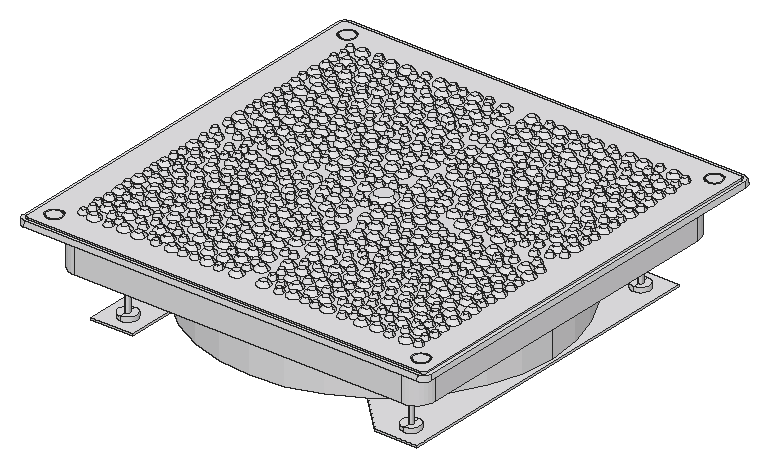
Revit family "Shower-Rainhead-KOHLER-REAL_RAIN-76728GL_1", category Plumbing Fixtures, host Face, Revit 2017 (continued)
Definition of nested family "76728GL"
  Forms (in)
    Blend 498, solid, detail levels medium+fine
      base sketch origin (-2.77067, 5.89326, 0) x (-1, 0, 0) y (0, -1, 0)
        loop
          circle (-7.85379, 7.80181) r 0.19685
      top sketch origin (-2.77067, 5.89326, 0) x (-1, 0, 0) y (0, -1, 0)
        loop
          circle (-7.85379, 7.80181) r 0.11854
      from 4.48819 to 4.64961
    Blend 499, solid, detail levels medium+fine
      base sketch origin (-1.32569, 5.98286, 0) x (-1, 0, 0) y (0, -1, 0)
        loop
          circle (-7.85379, 7.80181) r 0.19685
      top sketch origin (-1.32569, 5.98286, 0) x (-1, 0, 0) y (0, -1, 0)
        loop
          circle (-7.85379, 7.80181) r 0.11854
      from 4.48819 to 4.64961
    Blend 500, solid, detail levels medium+fine
      base sketch origin (-0.42388, 6.04678, 0) x (-1, 0, 0) y (0, -1, 0)
        loop
          circle (-7.85379, 7.80181) r 0.19685
      top sketch origin (-0.42388, 6.04678, 0) x (-1, 0, 0) y (0, -1, 0)
        loop
          circle (-7.85379, 7.80181) r 0.11854
      from 4.48819 to 4.64961
    Blend 501, solid, detail levels medium+fine
      base sketch origin (-1.43404, 6.50201, 0) x (-1, 0, 0) y (0, -1, 0)
        loop
          circle (-7.85379, 7.80181) r 0.19685
      top sketch origin (-1.43404, 6.50201, 0) x (-1, 0, 0) y (0, -1, 0)
        loop
          circle (-7.85379, 7.80181) r 0.11854
      from 4.48819 to 4.64961
    Blend 502, solid, detail levels medium+fine
      base sketch origin (-1.76504, 6.833, 0) x (-1, 0, 0) y (0, -1, 0)
        loop
          circle (-7.85379, 7.80181) r 0.19685
      top sketch origin (-1.76504, 6.833, 0) x (-1, 0, 0) y (0, -1, 0)
        loop
          circle (-7.85379, 7.80181) r 0.11854
      from 4.48819 to 4.64961
    Blend 503, solid, detail levels medium+fine
      base sketch origin (-2.44141, 6.47587, 0) x (-1, 0, 0) y (0, -1, 0)
        loop
          circle (-7.85379, 7.80181) r 0.19685
      top sketch origin (-2.44141, 6.47587, 0) x (-1, 0, 0) y (0, -1, 0)
        loop
          circle (-7.85379, 7.80181) r 0.11854
      from 4.48819 to 4.64961
    Blend 504, solid, detail levels medium+fine
      base sketch origin (-2.85861, 6.34937, 0) x (-1, 0, 0) y (0, -1, 0)
        loop
          circle (-7.85379, 7.80181) r 0.19685
      top sketch origin (-2.85861, 6.34937, 0) x (-1, 0, 0) y (0, -1, 0)
        loop
          circle (-7.85379, 7.80181) r 0.11854
      from 4.48819 to 4.64961
    Blend 505, solid, detail levels medium+fine
      base sketch origin (0.03972, 7.08804, 0) x (-1, 0, 0) y (0, -1, 0)
        loop
          circle (-7.85379, 7.80181) r 0.19685
      top sketch origin (0.03972, 7.08804, 0) x (-1, 0, 0) y (0, -1, 0)
        loop
          circle (-7.85379, 7.80181) r 0.11854
      from 4.48819 to 4.64961
    Blend 506, solid, detail levels medium+fine
      base sketch origin (-0.38075, 7.44085, 0) x (-1, 0, 0) y (0, -1, 0)
        loop
          circle (-7.85379, 7.80181) r 0.19685
      top sketch origin (-0.38075, 7.44085, 0) x (-1, 0, 0) y (0, -1, 0)
        loop
          circle (-7.85379, 7.80181) r 0.11854
      from 4.48819 to 4.64961
    Blend 507, solid, detail levels medium+fine
      base sketch origin (-1.6519, 7.32964, 0) x (-1, 0, 0) y (0, -1, 0)
        loop
          circle (-7.85379, 7.80181) r 0.19685
      top sketch origin (-1.6519, 7.32964, 0) x (-1, 0, 0) y (0, -1, 0)
        loop
          circle (-7.85379, 7.80181) r 0.11854
      from 4.48819 to 4.64961
    Blend 508, solid, detail levels medium+fine
      base sketch origin (-3.12586, 7.37077, 0) x (-1, 0, 0) y (0, -1, 0)
        loop
          circle (-7.85379, 7.80181) r 0.19685
      top sketch origin (-3.12586, 7.37077, 0) x (-1, 0, 0) y (0, -1, 0)
        loop
          circle (-7.85379, 7.80181) r 0.11854
      from 4.48819 to 4.64961
    Blend 509, solid, detail levels medium+fine
      base sketch origin (-4.45686, 7.01413, 0) x (-1, 0, 0) y (0, -1, 0)
        loop
          circle (-7.85379, 7.80181) r 0.19685
      top sketch origin (-4.45686, 7.01413, 0) x (-1, 0, 0) y (0, -1, 0)
        loop
          circle (-7.85379, 7.80181) r 0.11854
      from 4.48819 to 4.64961
    Blend 510, solid, detail levels medium+fine
      base sketch origin (-3.94595, 6.87723, 0) x (-1, 0, 0) y (0, -1, 0)
        loop
          circle (-7.85379, 7.80181) r 0.19685
      top sketch origin (-3.94595, 6.87723, 0) x (-1, 0, 0) y (0, -1, 0)
        loop
          circle (-7.85379, 7.80181) r 0.11854
      from 4.48819 to 4.64961
    Blend 511, solid, detail levels medium+fine
      base sketch origin (-3.84341, 6.29565, 0) x (-1, 0, 0) y (0, -1, 0)
        loop
          circle (-7.85379, 7.80181) r 0.19685
      top sketch origin (-3.84341, 6.29565, 0) x (-1, 0, 0) y (0, -1, 0)
        loop
          circle (-7.85379, 7.80181) r 0.11854
      from 4.48819 to 4.64961
    Blend 512, solid, detail levels medium+fine
      base sketch origin (-6.1948, 7.1053, 0) x (-1, 0, 0) y (0, -1, 0)
        loop
          circle (-7.85379, 7.80181) r 0.19685
      top sketch origin (-6.1948, 7.1053, 0) x (-1, 0, 0) y (0, -1, 0)
        loop
          circle (-7.85379, 7.80181) r 0.11854
      from 4.48819 to 4.64961
    Blend 513, solid, detail levels medium+fine
      base sketch origin (-7.17172, 7.22525, 0) x (-1, 0, 0) y (0, -1, 0)
        loop
          circle (-7.85379, 7.80181) r 0.19685
      top sketch origin (-7.17172, 7.22525, 0) x (-1, 0, 0) y (0, -1, 0)
        loop
          circle (-7.85379, 7.80181) r 0.11854
      from 4.48819 to 4.64961
    Blend 514, solid, detail levels medium+fine
      base sketch origin (-6.65774, 7.08753, 0) x (-1, 0, 0) y (0, -1, 0)
        loop
          circle (-7.85379, 7.80181) r 0.19685
      top sketch origin (-6.65774, 7.08753, 0) x (-1, 0, 0) y (0, -1, 0)
        loop
          circle (-7.85379, 7.80181) r 0.11854
      from 4.48819 to 4.64961
    Blend 515, solid, detail levels medium+fine
      base sketch origin (-7.62193, 6.95649, 0) x (-1, 0, 0) y (0, -1, 0)
        loop
          circle (-7.85379, 7.80181) r 0.19685
      top sketch origin (-7.62193, 6.95649, 0) x (-1, 0, 0) y (0, -1, 0)
        loop
          circle (-7.85379, 7.80181) r 0.11854
      from 4.48819 to 4.64961
    Blend 516, solid, detail levels medium+fine
      base sketch origin (-6.11831, 6.19036, 0) x (-1, 0, 0) y (0, -1, 0)
        loop
          circle (-7.85379, 7.80181) r 0.19685
      top sketch origin (-6.11831, 6.19036, 0) x (-1, 0, 0) y (0, -1, 0)
        loop
          circle (-7.85379, 7.80181) r 0.11854
      from 4.48819 to 4.64961
    Blend 517, solid, detail levels medium+fine
      base sketch origin (-7.13072, 5.58205, 0) x (-1, 0, 0) y (0, -1, 0)
        loop
          circle (-7.85379, 7.80181) r 0.19685
      top sketch origin (-7.13072, 5.58205, 0) x (-1, 0, 0) y (0, -1, 0)
        loop
          circle (-7.85379, 7.80181) r 0.11854
      from 4.48819 to 4.64961
    Blend 518, solid, detail levels medium+fine
      base sketch origin (-5.44577, 6.12952, 0) x (-1, 0, 0) y (0, -1, 0)
        loop
          circle (-7.85379, 7.80181) r 0.19685
      top sketch origin (-5.44577, 6.12952, 0) x (-1, 0, 0) y (0, -1, 0)
        loop
          circle (-7.85379, 7.80181) r 0.11854
      from 4.48819 to 4.64961
    Blend 519, solid, detail levels medium+fine
      base sketch origin (-5.19714, 5.66191, 0) x (-1, 0, 0) y (0, -1, 0)
        loop
          circle (-7.85379, 7.80181) r 0.19685
      top sketch origin (-5.19714, 5.66191, 0) x (-1, 0, 0) y (0, -1, 0)
        loop
          circle (-7.85379, 7.80181) r 0.11854
      from 4.48819 to 4.64961
    Blend 520, solid, detail levels medium+fine
      base sketch origin (-4.68225, 5.41066, 0) x (-1, 0, 0) y (0, -1, 0)
        loop
          circle (-7.85379, 7.80181) r 0.19685
      top sketch origin (-4.68225, 5.41066, 0) x (-1, 0, 0) y (0, -1, 0)
        loop
          circle (-7.85379, 7.80181) r 0.11854
      from 4.48819 to 4.64961
    Blend 521, solid, detail levels medium+fine
      base sketch origin (-4.3512, 5.01612, 0) x (-1, 0, 0) y (0, -1, 0)
        loop
          circle (-7.85379, 7.80181) r 0.19685
      top sketch origin (-4.3512, 5.01612, 0) x (-1, 0, 0) y (0, -1, 0)
        loop
          circle (-7.85379, 7.80181) r 0.11854
      from 4.48819 to 4.64961
    Blend 522, solid, detail levels medium+fine
      base sketch origin (-3.63709, 5.5944, 0) x (-1, 0, 0) y (0, -1, 0)
        loop
          circle (-7.85379, 7.80181) r 0.19685
      top sketch origin (-3.63709, 5.5944, 0) x (-1, 0, 0) y (0, -1, 0)
        loop
          circle (-7.85379, 7.80181) r 0.11854
      from 4.48819 to 4.64961
    Blend 523, solid, detail levels medium+fine
      base sketch origin (-3.15174, 4.92637, 0) x (-1, 0, 0) y (0, -1, 0)
        loop
          circle (-7.85379, 7.80181) r 0.19685
      top sketch origin (-3.15174, 4.92637, 0) x (-1, 0, 0) y (0, -1, 0)
        loop
          circle (-7.85379, 7.80181) r 0.11854
      from 4.48819 to 4.64961
    Blend 524, solid, detail levels medium+fine
      base sketch origin (-4.00009, 3.84052, 0) x (-1, 0, 0) y (0, -1, 0)
        loop
          circle (-7.85379, 7.80181) r 0.19685
      top sketch origin (-4.00009, 3.84052, 0) x (-1, 0, 0) y (0, -1, 0)
        loop
          circle (-7.85379, 7.80181) r 0.11854
      from 4.48819 to 4.64961
    Blend 525, solid, detail levels medium+fine
      base sketch origin (-5.08661, 4.01261, 0) x (-1, 0, 0) y (0, -1, 0)
        loop
          circle (-7.85379, 7.80181) r 0.19685
      top sketch origin (-5.08661, 4.01261, 0) x (-1, 0, 0) y (0, -1, 0)
        loop
          circle (-7.85379, 7.80181) r 0.11854
      from 4.48819 to 4.64961
    Blend 526, solid, detail levels medium+fine
      base sketch origin (-5.76645, 3.94116, 0) x (-1, 0, 0) y (0, -1, 0)
        loop
          circle (-7.85379, 7.80181) r 0.19685
      top sketch origin (-5.76645, 3.94116, 0) x (-1, 0, 0) y (0, -1, 0)
        loop
          circle (-7.85379, 7.80181) r 0.11854
      from 4.48819 to 4.64961
    Blend 527, solid, detail levels medium+fine
      base sketch origin (-5.39187, 3.56657, 0) x (-1, 0, 0) y (0, -1, 0)
        loop
          circle (-7.85379, 7.80181) r 0.19685
      top sketch origin (-5.39187, 3.56657, 0) x (-1, 0, 0) y (0, -1, 0)
        loop
          circle (-7.85379, 7.80181) r 0.11854
      from 4.48819 to 4.64961
    Blend 528, solid, detail levels medium+fine
      base sketch origin (-6.17927, 3.56657, 0) x (-1, 0, 0) y (0, -1, 0)
        loop
          circle (-7.85379, 7.80181) r 0.19685
      top sketch origin (-6.17927, 3.56657, 0) x (-1, 0, 0) y (0, -1, 0)
        loop
          circle (-7.85379, 7.80181) r 0.11854
      from 4.48819 to 4.64961
    Blend 529, solid, detail levels medium+fine
      base sketch origin (-7.09044, 3.74369, 0) x (-1, 0, 0) y (0, -1, 0)
        loop
          circle (-7.85379, 7.80181) r 0.19685
      top sketch origin (-7.09044, 3.74369, 0) x (-1, 0, 0) y (0, -1, 0)
        loop
          circle (-7.85379, 7.80181) r 0.11854
      from 4.48819 to 4.64961
    Blend 530, solid, detail levels medium+fine
      base sketch origin (-7.54077, 3.66428, 0) x (-1, 0, 0) y (0, -1, 0)
        loop
          circle (-7.85379, 7.80181) r 0.19685
      top sketch origin (-7.54077, 3.66428, 0) x (-1, 0, 0) y (0, -1, 0)
        loop
          circle (-7.85379, 7.80181) r 0.11854
      from 4.48819 to 4.64961
    Blend 531, solid, detail levels medium+fine
      base sketch origin (-6.98399, 4.22106, 0) x (-1, 0, 0) y (0, -1, 0)
        loop
          circle (-7.85379, 7.80181) r 0.19685
      top sketch origin (-6.98399, 4.22106, 0) x (-1, 0, 0) y (0, -1, 0)
        loop
          circle (-7.85379, 7.80181) r 0.11854
      from 4.48819 to 4.64961
    Blend 532, solid, detail levels medium+fine
      base sketch origin (-7.21914, 4.62835, 0) x (-1, 0, 0) y (0, -1, 0)
        loop
          circle (-7.85379, 7.80181) r 0.19685
      top sketch origin (-7.21914, 4.62835, 0) x (-1, 0, 0) y (0, -1, 0)
        loop
          circle (-7.85379, 7.80181) r 0.11854
      from 4.48819 to 4.64961
    Blend 533, solid, detail levels medium+fine
      base sketch origin (-6.35688, 4.62835, 0) x (-1, 0, 0) y (0, -1, 0)
        loop
          circle (-7.85379, 7.80181) r 0.19685
      top sketch origin (-6.35688, 4.62835, 0) x (-1, 0, 0) y (0, -1, 0)
        loop
          circle (-7.85379, 7.80181) r 0.11854
      from 4.48819 to 4.64961
    Blend 534, solid, detail levels medium+fine
      base sketch origin (-5.25454, 4.53191, 0) x (-1, 0, 0) y (0, -1, 0)
        loop
          circle (-7.85379, 7.80181) r 0.19685
      top sketch origin (-5.25454, 4.53191, 0) x (-1, 0, 0) y (0, -1, 0)
        loop
          circle (-7.85379, 7.80181) r 0.11854
      from 4.48819 to 4.64961
    Blend 535, solid, detail levels medium+fine
      base sketch origin (-4.9788, 3.42599, 0) x (-1, 0, 0) y (0, -1, 0)
        loop
          circle (-7.85379, 7.80181) r 0.19685
      top sketch origin (-4.9788, 3.42599, 0) x (-1, 0, 0) y (0, -1, 0)
        loop
          circle (-7.85379, 7.80181) r 0.11854
      from 4.48819 to 4.64961
    Blend 536, solid, detail levels medium+fine
      base sketch origin (-4.07231, 4.39808, 0) x (-1, 0, 0) y (0, -1, 0)
        loop
          circle (-7.85379, 7.80181) r 0.19685
      top sketch origin (-4.07231, 4.39808, 0) x (-1, 0, 0) y (0, -1, 0)
        loop
          circle (-7.85379, 7.80181) r 0.11854
      from 4.48819 to 4.64961
    Blend 537, solid, detail levels medium+fine
      base sketch origin (-4.25708, 3.23152, 0) x (-1, 0, 0) y (0, -1, 0)
        loop
          circle (-7.85379, 7.80181) r 0.19685
      top sketch origin (-4.25708, 3.23152, 0) x (-1, 0, 0) y (0, -1, 0)
        loop
          circle (-7.85379, 7.80181) r 0.11854
      from 4.48819 to 4.64961
    Blend 538, solid, detail levels medium+fine
      base sketch origin (-4.06819, 2.71257, 0) x (-1, 0, 0) y (0, -1, 0)
        loop
          circle (-7.85379, 7.80181) r 0.19685
      top sketch origin (-4.06819, 2.71257, 0) x (-1, 0, 0) y (0, -1, 0)
        loop
          circle (-7.85379, 7.80181) r 0.11854
      from 4.48819 to 4.64961
    Blend 539, solid, detail levels medium+fine
      base sketch origin (-5.36187, 2.80303, 0) x (-1, 0, 0) y (0, -1, 0)
        loop
          circle (-7.85379, 7.80181) r 0.19685
      top sketch origin (-5.36187, 2.80303, 0) x (-1, 0, 0) y (0, -1, 0)
        loop
          circle (-7.85379, 7.80181) r 0.11854
      from 4.48819 to 4.64961
    Blend 540, solid, detail levels medium+fine
      base sketch origin (-3.46801, 1.75325, 0) x (-1, 0, 0) y (0, -1, 0)
        loop
          circle (-7.85379, 7.80181) r 0.19685
      top sketch origin (-3.46801, 1.75325, 0) x (-1, 0, 0) y (0, -1, 0)
        loop
          circle (-7.85379, 7.80181) r 0.11854
      from 4.48819 to 4.64961
    Blend 541, solid, detail levels medium+fine
      base sketch origin (-3.71758, 2.28847, 0) x (-1, 0, 0) y (0, -1, 0)
        loop
          circle (-7.85379, 7.80181) r 0.19685
      top sketch origin (-3.71758, 2.28847, 0) x (-1, 0, 0) y (0, -1, 0)
        loop
          circle (-7.85379, 7.80181) r 0.11854
      from 4.48819 to 4.64961
    Blend 542, solid, detail levels medium+fine
      base sketch origin (-5.07811, 1.6249, 0) x (-1, 0, 0) y (0, -1, 0)
        loop
          circle (-7.85379, 7.80181) r 0.19685
      top sketch origin (-5.07811, 1.6249, 0) x (-1, 0, 0) y (0, -1, 0)
        loop
          circle (-7.85379, 7.80181) r 0.11854
      from 4.48819 to 4.64961
    Blend 543, solid, detail levels medium+fine
      base sketch origin (-5.46194, 1.94697, 0) x (-1, 0, 0) y (0, -1, 0)
        loop
          circle (-7.85379, 7.80181) r 0.19685
      top sketch origin (-5.46194, 1.94697, 0) x (-1, 0, 0) y (0, -1, 0)
        loop
          circle (-7.85379, 7.80181) r 0.11854
      from 4.48819 to 4.64961
    Blend 544, solid, detail levels medium+fine
      base sketch origin (-6.49561, 2.20469, 0) x (-1, 0, 0) y (0, -1, 0)
        loop
          circle (-7.85379, 7.80181) r 0.19685
      top sketch origin (-6.49561, 2.20469, 0) x (-1, 0, 0) y (0, -1, 0)
        loop
          circle (-7.85379, 7.80181) r 0.11854
      from 4.48819 to 4.64961
    Blend 545, solid, detail levels medium+fine
      base sketch origin (-6.98682, 2.07307, 0) x (-1, 0, 0) y (0, -1, 0)
        loop
          circle (-7.85379, 7.80181) r 0.19685
      top sketch origin (-6.98682, 2.07307, 0) x (-1, 0, 0) y (0, -1, 0)
        loop
          circle (-7.85379, 7.80181) r 0.11854
      from 4.48819 to 4.64961
    Blend 546, solid, detail levels medium+fine
      base sketch origin (-4.64222, 1.78519, 0) x (-1, 0, 0) y (0, -1, 0)
        loop
          circle (-7.85379, 7.80181) r 0.19685
      top sketch origin (-4.64222, 1.78519, 0) x (-1, 0, 0) y (0, -1, 0)
        loop
          circle (-7.85379, 7.80181) r 0.11854
      from 4.48819 to 4.64961
    Blend 547, solid, detail levels medium+fine
      base sketch origin (-6.06948, 1.11965, 0) x (-1, 0, 0) y (0, -1, 0)
        loop
          circle (-7.85379, 7.80181) r 0.19685
      top sketch origin (-6.06948, 1.11965, 0) x (-1, 0, 0) y (0, -1, 0)
        loop
          circle (-7.85379, 7.80181) r 0.11854
      from 4.48819 to 4.64961
    Blend 548, solid, detail levels medium+fine
      base sketch origin (-5.09062, 1.01677, 0) x (-1, 0, 0) y (0, -1, 0)
        loop
          circle (-7.85379, 7.80181) r 0.19685
      top sketch origin (-5.09062, 1.01677, 0) x (-1, 0, 0) y (0, -1, 0)
        loop
          circle (-7.85379, 7.80181) r 0.11854
      from 4.48819 to 4.64961
    Blend 549, solid, detail levels medium+fine
      base sketch origin (-3.64343, 1.01677, 0) x (-1, 0, 0) y (0, -1, 0)
        loop
          circle (-7.85379, 7.80181) r 0.19685
      top sketch origin (-3.64343, 1.01677, 0) x (-1, 0, 0) y (0, -1, 0)
        loop
          circle (-7.85379, 7.80181) r 0.11854
      from 4.48819 to 4.64961
    Blend 550, solid, detail levels medium+fine
      base sketch origin (-3.18902, 1.27913, 0) x (-1, 0, 0) y (0, -1, 0)
        loop
          circle (-7.85379, 7.80181) r 0.19685
      top sketch origin (-3.18902, 1.27913, 0) x (-1, 0, 0) y (0, -1, 0)
        loop
          circle (-7.85379, 7.80181) r 0.11854
      from 4.48819 to 4.64961
    Blend 551, solid, detail levels medium+fine
      base sketch origin (-4.12496, 0.71675, 0) x (-1, 0, 0) y (0, -1, 0)
        loop
          circle (-7.85379, 7.80181) r 0.19685
      top sketch origin (-4.12496, 0.71675, 0) x (-1, 0, 0) y (0, -1, 0)
        loop
          circle (-7.85379, 7.80181) r 0.11854
      from 4.48819 to 4.64961
    Blend 552, solid, detail levels medium+fine
      base sketch origin (-7.25732, 1.04598, 0) x (-1, 0, 0) y (0, -1, 0)
        loop
          circle (-7.85379, 7.80181) r 0.19685
      top sketch origin (-7.25732, 1.04598, 0) x (-1, 0, 0) y (0, -1, 0)
        loop
          circle (-7.85379, 7.80181) r 0.11854
      from 4.48819 to 4.64961
    Blend 553, solid, detail levels medium+fine
      base sketch origin (-7.25732, 0.52471, 0) x (-1, 0, 0) y (0, -1, 0)
        loop
          circle (-7.85379, 7.80181) r 0.19685
      top sketch origin (-7.25732, 0.52471, 0) x (-1, 0, 0) y (0, -1, 0)
        loop
          circle (-7.85379, 7.80181) r 0.11854
      from 4.48819 to 4.64961
    Blend 554, solid, detail levels medium+fine
      base sketch origin (-5.26036, -0.04791, 0) x (-1, 0, 0) y (0, -1, 0)
        loop
          circle (-7.85379, 7.80181) r 0.19685
      top sketch origin (-5.26036, -0.04791, 0) x (-1, 0, 0) y (0, -1, 0)
        loop
          circle (-7.85379, 7.80181) r 0.11854
      from 4.48819 to 4.64961
    Blend 555, solid, detail levels medium+fine
      base sketch origin (-6.43984, -0.10973, 0) x (-1, 0, 0) y (0, -1, 0)
        loop
          circle (-7.85379, 7.80181) r 0.19685
      top sketch origin (-6.43984, -0.10973, 0) x (-1, 0, 0) y (0, -1, 0)
        loop
          circle (-7.85379, 7.80181) r 0.11854
      from 4.48819 to 4.64961
    Blend 556, solid, detail levels medium+fine
      base sketch origin (-6.67879, 0.30414, 0) x (-1, 0, 0) y (0, -1, 0)
        loop
          circle (-7.85379, 7.80181) r 0.19685
      top sketch origin (-6.67879, 0.30414, 0) x (-1, 0, 0) y (0, -1, 0)
        loop
          circle (-7.85379, 7.80181) r 0.11854
      from 4.48819 to 4.64961
    Blend 557, solid, detail levels medium+fine
      base sketch origin (-4.7533, -0.10513, 0) x (-1, 0, 0) y (0, -1, 0)
        loop
          circle (-7.85379, 7.80181) r 0.19685
      top sketch origin (-4.7533, -0.10513, 0) x (-1, 0, 0) y (0, -1, 0)
        loop
          circle (-7.85379, 7.80181) r 0.11854
      from 4.48819 to 4.64961
    Blend 558, solid, detail levels medium+fine
      base sketch origin (-3.48769, -0.10513, 0) x (-1, 0, 0) y (0, -1, 0)
        loop
          circle (-7.85379, 7.80181) r 0.19685
      top sketch origin (-3.48769, -0.10513, 0) x (-1, 0, 0) y (0, -1, 0)
        loop
          circle (-7.85379, 7.80181) r 0.11854
      from 4.48819 to 4.64961
    Blend 559, solid, detail levels medium+fine
      base sketch origin (-3.12201, 0.15093, 0) x (-1, 0, 0) y (0, -1, 0)
        loop
          circle (-7.85379, 7.80181) r 0.19685
      top sketch origin (-3.12201, 0.15093, 0) x (-1, 0, 0) y (0, -1, 0)
        loop
          circle (-7.85379, 7.80181) r 0.11854
      from 4.48819 to 4.64961
    Blend 560, solid, detail levels medium+fine
      base sketch origin (-1.39035, 0.04876, 0) x (-1, 0, 0) y (0, -1, 0)
        loop
          circle (-7.30834, 7.84791) r 0.29156
      top sketch origin (-1.39035, 0.04876, 0) x (-1, 0, 0) y (0, -1, 0)
        loop
          circle (-7.30834, 7.84791) r 0.15606
      from 4.48819 to 4.65
    Blend 561, solid, detail levels medium+fine
      base sketch origin (-2.52047, 5.48086, 0) x (-1, 0, 0) y (0, -1, 0)
        loop
          circle (-7.30834, 7.84791) r 0.29156
      top sketch origin (-2.52047, 5.48086, 0) x (-1, 0, 0) y (0, -1, 0)
        loop
          circle (-7.30834, 7.84791) r 0.15606
      from 4.48819 to 4.65
    Blend 562, solid, detail levels medium+fine
      base sketch origin (-2.53284, 5.24171, 0) x (-1, 0, 0) y (0, -1, 0)
        loop
          circle (-7.85379, 7.80181) r 0.19685
      top sketch origin (-2.53284, 5.24171, 0) x (-1, 0, 0) y (0, -1, 0)
        loop
          circle (-7.85379, 7.80181) r 0.11854
      from 4.48819 to 4.64961
    Blend 563, solid, detail levels medium+fine
      base sketch origin (-5.62798, 5.13362, 0) x (-1, 0, 0) y (0, -1, 0)
        loop
          circle (-7.85379, 7.80181) r 0.19685
      top sketch origin (-5.62798, 5.13362, 0) x (-1, 0, 0) y (0, -1, 0)
        loop
          circle (-7.85379, 7.80181) r 0.11854
      from 4.48819 to 4.64961
    Blend 564, solid, detail levels medium+fine
      base sketch origin (-5.22972, 5.78888, 0) x (-1, 0, 0) y (0, -1, 0)
        loop
          circle (-7.30834, 7.84791) r 0.29156
      top sketch origin (-5.22972, 5.78888, 0) x (-1, 0, 0) y (0, -1, 0)
        loop
          circle (-7.30834, 7.84791) r 0.15606
      from 4.48819 to 4.65
    Blend 565, solid, detail levels medium+fine
      base sketch origin (-5.71711, 5.30149, 0) x (-1, 0, 0) y (0, -1, 0)
        loop
          circle (-7.30834, 7.84791) r 0.29156
      top sketch origin (-5.71711, 5.30149, 0) x (-1, 0, 0) y (0, -1, 0)
        loop
          circle (-7.30834, 7.84791) r 0.15606
      from 4.48819 to 4.65
    Blend 566, solid, detail levels medium+fine
      base sketch origin (-6.28821, 5.03518, 0) x (-1, 0, 0) y (0, -1, 0)
        loop
          circle (-7.30834, 7.84791) r 0.29156
      top sketch origin (-6.28821, 5.03518, 0) x (-1, 0, 0) y (0, -1, 0)
        loop
          circle (-7.30834, 7.84791) r 0.15606
      from 4.48819 to 4.65
    Blend 567, solid, detail levels medium+fine
      base sketch origin (-4.5606, 6.6462, 0) x (-1, 0, 0) y (0, -1, 0)
        loop
          circle (-7.30834, 7.84791) r 0.29156
      top sketch origin (-4.5606, 6.6462, 0) x (-1, 0, 0) y (0, -1, 0)
        loop
          circle (-7.30834, 7.84791) r 0.15606
      from 4.48819 to 4.65
    Blend 568, solid, detail levels medium+fine
      base sketch origin (-6.15635, 5.93567, 0) x (-1, 0, 0) y (0, -1, 0)
        loop
          circle (-7.30834, 7.84791) r 0.29156
      top sketch origin (-6.15635, 5.93567, 0) x (-1, 0, 0) y (0, -1, 0)
        loop
          circle (-7.30834, 7.84791) r 0.15606
      from 4.48819 to 4.65
    Blend 569, solid, detail levels medium+fine
      base sketch origin (-5.32118, 6.77084, 0) x (-1, 0, 0) y (0, -1, 0)
        loop
          circle (-7.30834, 7.84791) r 0.29156
      top sketch origin (-5.32118, 6.77084, 0) x (-1, 0, 0) y (0, -1, 0)
        loop
          circle (-7.30834, 7.84791) r 0.15606
      from 4.48819 to 4.65
    Blend 570, solid, detail levels medium+fine
      base sketch origin (-6.00255, 6.58826, 0) x (-1, 0, 0) y (0, -1, 0)
        loop
          circle (-7.30834, 7.84791) r 0.29156
      top sketch origin (-6.00255, 6.58826, 0) x (-1, 0, 0) y (0, -1, 0)
        loop
          circle (-7.30834, 7.84791) r 0.15606
      from 4.48819 to 4.65
    Blend 571, solid, detail levels medium+fine
      base sketch origin (-6.81064, 6.12171, 0) x (-1, 0, 0) y (0, -1, 0)
        loop
          circle (-7.30834, 7.84791) r 0.29156
      top sketch origin (-6.81064, 6.12171, 0) x (-1, 0, 0) y (0, -1, 0)
        loop
          circle (-7.30834, 7.84791) r 0.15606
      from 4.48819 to 4.65
    Blend 572, solid, detail levels medium+fine
      base sketch origin (-6.6578, 6.69214, 0) x (-1, 0, 0) y (0, -1, 0)
        loop
          circle (-7.30834, 7.84791) r 0.29156
      top sketch origin (-6.6578, 6.69214, 0) x (-1, 0, 0) y (0, -1, 0)
        loop
          circle (-7.30834, 7.84791) r 0.15606
      from 4.48819 to 4.65
    Blend 573, solid, detail levels medium+fine
      base sketch origin (-5.16069, 7.32763, 0) x (-1, 0, 0) y (0, -1, 0)
        loop
          circle (-7.30834, 7.84791) r 0.29156
      top sketch origin (-5.16069, 7.32763, 0) x (-1, 0, 0) y (0, -1, 0)
        loop
          circle (-7.30834, 7.84791) r 0.15606
      from 4.48819 to 4.65
    Blend 574, solid, detail levels medium+fine
      base sketch origin (-4.48435, 7.28033, 0) x (-1, 0, 0) y (0, -1, 0)
        loop
          circle (-7.30834, 7.84791) r 0.29156
      top sketch origin (-4.48435, 7.28033, 0) x (-1, 0, 0) y (0, -1, 0)
        loop
          circle (-7.30834, 7.84791) r 0.15606
      from 4.48819 to 4.65
    Blend 575, solid, detail levels medium+fine
      base sketch origin (-1.17297, 7.07796, 0) x (-1, 0, 0) y (0, -1, 0)
        loop
          circle (-7.85379, 7.80181) r 0.19685
      top sketch origin (-1.17297, 7.07796, 0) x (-1, 0, 0) y (0, -1, 0)
        loop
          circle (-7.85379, 7.80181) r 0.11854
      from 4.48819 to 4.64961
    Blend 576, solid, detail levels medium+fine
      base sketch origin (-7.65763, 2.25778, 0) x (-1, 0, 0) y (0, -1, 0)
        loop
          circle (-7.85379, 7.80181) r 0.19685
      top sketch origin (-7.65763, 2.25778, 0) x (-1, 0, 0) y (0, -1, 0)
        loop
          circle (-7.85379, 7.80181) r 0.11854
      from 4.48819 to 4.64961
    Blend 577, solid, detail levels medium+fine
      base sketch origin (0, 0, 0) x (1, 0, 0) y (0, 1, 0)
        loop
          circle (-7.30834, -7.84791) r 0.29156
      top sketch origin (0, 0, 0) x (1, 0, 0) y (0, 1, 0)
        loop
          circle (-7.30834, -7.84791) r 0.15606
      from 4.48819 to 4.65
    Blend 578, solid, detail levels medium+fine
      base sketch origin (2.0876, 0, 0) x (1, 0, 0) y (0, 1, 0)
        loop
          circle (-7.30834, -7.84791) r 0.29156
      top sketch origin (2.0876, 0, 0) x (1, 0, 0) y (0, 1, 0)
        loop
          circle (-7.30834, -7.84791) r 0.15606
      from 4.48819 to 4.65
    Blend 579, solid, detail levels medium+fine
      base sketch origin (3.6624, 0, 0) x (1, 0, 0) y (0, 1, 0)
        loop
          circle (-7.30834, -7.84791) r 0.29156
      top sketch origin (3.6624, 0, 0) x (1, 0, 0) y (0, 1, 0)
        loop
          circle (-7.30834, -7.84791) r 0.15606
      from 4.48819 to 4.65
    Blend 580, solid, detail levels medium+fine
      base sketch origin (5.30487, 0.02461, 0) x (1, 0, 0) y (0, 1, 0)
        loop
          circle (-7.30834, -7.84791) r 0.29156
      top sketch origin (5.30487, 0.02461, 0) x (1, 0, 0) y (0, 1, 0)
        loop
          circle (-7.30834, -7.84791) r 0.15606
      from 4.48819 to 4.65
    Blend 581, solid, detail levels medium+fine
      base sketch origin (6.68282, 0, 0) x (1, 0, 0) y (0, 1, 0)
        loop
          circle (-7.30834, -7.84791) r 0.29156
      top sketch origin (6.68282, 0, 0) x (1, 0, 0) y (0, 1, 0)
        loop
          circle (-7.30834, -7.84791) r 0.15606
      from 4.48819 to 4.65
    Blend 582, solid, detail levels medium+fine
      base sketch origin (-0.0289, 0.83652, 0) x (1, 0, 0) y (0, 1, 0)
        loop
          circle (-7.30834, -7.84791) r 0.29156
      top sketch origin (-0.0289, 0.83652, 0) x (1, 0, 0) y (0, 1, 0)
        loop
          circle (-7.30834, -7.84791) r 0.15606
      from 4.48819 to 4.65
    Blend 583, solid, detail levels medium+fine
      base sketch origin (0.9243, 0.90317, 0) x (1, 0, 0) y (0, 1, 0)
        loop
          circle (-7.30834, -7.84791) r 0.29156
      top sketch origin (0.9243, 0.90317, 0) x (1, 0, 0) y (0, 1, 0)
        loop
          circle (-7.30834, -7.84791) r 0.15606
      from 4.48819 to 4.65
    Blend 584, solid, detail levels medium+fine
      base sketch origin (2.48199, 0.76689, 0) x (1, 0, 0) y (0, 1, 0)
        loop
          circle (-7.30834, -7.84791) r 0.29156
      top sketch origin (2.48199, 0.76689, 0) x (1, 0, 0) y (0, 1, 0)
        loop
          circle (-7.30834, -7.84791) r 0.15606
      from 4.48819 to 4.65
    Blend 585, solid, detail levels medium+fine
      base sketch origin (3.09051, 0.45684, 0) x (1, 0, 0) y (0, 1, 0)
        loop
          circle (-7.30834, -7.84791) r 0.29156
      top sketch origin (3.09051, 0.45684, 0) x (1, 0, 0) y (0, 1, 0)
        loop
          circle (-7.30834, -7.84791) r 0.15606
      from 4.48819 to 4.65
    Blend 586, solid, detail levels medium+fine
      base sketch origin (4.16835, 0.50258, 0) x (1, 0, 0) y (0, 1, 0)
        loop
          circle (-7.30834, -7.84791) r 0.29156
      top sketch origin (4.16835, 0.50258, 0) x (1, 0, 0) y (0, 1, 0)
        loop
          circle (-7.30834, -7.84791) r 0.15606
      from 4.48819 to 4.65
    Blend 587, solid, detail levels medium+fine
      base sketch origin (4.89122, 0.60418, 0) x (1, 0, 0) y (0, 1, 0)
        loop
          circle (-7.30834, -7.84791) r 0.29156
      top sketch origin (4.89122, 0.60418, 0) x (1, 0, 0) y (0, 1, 0)
        loop
          circle (-7.30834, -7.84791) r 0.15606
      from 4.48819 to 4.65
    Blend 588, solid, detail levels medium+fine
      base sketch origin (5.61857, 0.59148, 0) x (1, 0, 0) y (0, 1, 0)
        loop
          circle (-7.30834, -7.84791) r 0.29156
      top sketch origin (5.61857, 0.59148, 0) x (1, 0, 0) y (0, 1, 0)
        loop
          circle (-7.30834, -7.84791) r 0.15606
      from 4.48819 to 4.65
    Blend 589, solid, detail levels medium+fine
      base sketch origin (6.14053, 0.9848, 0) x (1, 0, 0) y (0, 1, 0)
        loop
          circle (-7.30834, -7.84791) r 0.29156
      top sketch origin (6.14053, 0.9848, 0) x (1, 0, 0) y (0, 1, 0)
        loop
          circle (-7.30834, -7.84791) r 0.15606
      from 4.48819 to 4.65
    Blend 590, solid, detail levels medium+fine
      base sketch origin (6.85018, 1.66347, 0) x (1, 0, 0) y (0, 1, 0)
        loop
          circle (-7.30834, -7.84791) r 0.29156
      top sketch origin (6.85018, 1.66347, 0) x (1, 0, 0) y (0, 1, 0)
        loop
          circle (-7.30834, -7.84791) r 0.15606
      from 4.48819 to 4.65
    Blend 591, solid, detail levels medium+fine
      base sketch origin (6.157, 1.60283, 0) x (1, 0, 0) y (0, 1, 0)
        loop
          circle (-7.30834, -7.84791) r 0.29156
      top sketch origin (6.157, 1.60283, 0) x (1, 0, 0) y (0, 1, 0)
        loop
          circle (-7.30834, -7.84791) r 0.15606
      from 4.48819 to 4.65
    Blend 592, solid, detail levels medium+fine
      base sketch origin (5.55442, 1.83414, 0) x (1, 0, 0) y (0, 1, 0)
        loop
          circle (-7.30834, -7.84791) r 0.29156
      top sketch origin (5.55442, 1.83414, 0) x (1, 0, 0) y (0, 1, 0)
        loop
          circle (-7.30834, -7.84791) r 0.15606
      from 4.48819 to 4.65
    Blend 593, solid, detail levels medium+fine
      base sketch origin (5.00582, 1.40553, 0) x (1, 0, 0) y (0, 1, 0)
        loop
          circle (-7.30834, -7.84791) r 0.29156
      top sketch origin (5.00582, 1.40553, 0) x (1, 0, 0) y (0, 1, 0)
        loop
          circle (-7.30834, -7.84791) r 0.15606
      from 4.48819 to 4.65
    Blend 594, solid, detail levels medium+fine
      base sketch origin (4.00507, 1.211, 0) x (1, 0, 0) y (0, 1, 0)
        loop
          circle (-7.30834, -7.84791) r 0.29156
      top sketch origin (4.00507, 1.211, 0) x (1, 0, 0) y (0, 1, 0)
        loop
          circle (-7.30834, -7.84791) r 0.15606
      from 4.48819 to 4.65
    Blend 595, solid, detail levels medium+fine
      base sketch origin (3.45712, 1.6091, 0) x (1, 0, 0) y (0, 1, 0)
        loop
          circle (-7.30834, -7.84791) r 0.29156
      top sketch origin (3.45712, 1.6091, 0) x (1, 0, 0) y (0, 1, 0)
        loop
          circle (-7.30834, -7.84791) r 0.15606
      from 4.48819 to 4.65
    Blend 596, solid, detail levels medium+fine
      base sketch origin (2.30183, 1.85467, 0) x (1, 0, 0) y (0, 1, 0)
        loop
          circle (-7.30834, -7.84791) r 0.29156
      top sketch origin (2.30183, 1.85467, 0) x (1, 0, 0) y (0, 1, 0)
        loop
          circle (-7.30834, -7.84791) r 0.15606
      from 4.48819 to 4.65
    Blend 597, solid, detail levels medium+fine
      base sketch origin (1.18508, 1.47014, 0) x (1, 0, 0) y (0, 1, 0)
        loop
          circle (-7.30834, -7.84791) r 0.29156
      top sketch origin (1.18508, 1.47014, 0) x (1, 0, 0) y (0, 1, 0)
        loop
          circle (-7.30834, -7.84791) r 0.15606
      from 4.48819 to 4.65
    Blend 598, solid, detail levels medium+fine
      base sketch origin (1.03024, 2.19859, 0) x (1, 0, 0) y (0, 1, 0)
        loop
          circle (-7.30834, -7.84791) r 0.29156
      top sketch origin (1.03024, 2.19859, 0) x (1, 0, 0) y (0, 1, 0)
        loop
          circle (-7.30834, -7.84791) r 0.15606
      from 4.48819 to 4.65
    Blend 599, solid, detail levels medium+fine
      base sketch origin (-0.0373, 2.58312, 0) x (1, 0, 0) y (0, 1, 0)
        loop
          circle (-7.30834, -7.84791) r 0.29156
      top sketch origin (-0.0373, 2.58312, 0) x (1, 0, 0) y (0, 1, 0)
        loop
          circle (-7.30834, -7.84791) r 0.15606
      from 4.48819 to 4.65
    Blend 600, solid, detail levels medium+fine
      base sketch origin (-0.5041, 2.14094, 0) x (1, 0, 0) y (0, 1, 0)
        loop
          circle (-7.30834, -7.84791) r 0.29156
      top sketch origin (-0.5041, 2.14094, 0) x (1, 0, 0) y (0, 1, 0)
        loop
          circle (-7.30834, -7.84791) r 0.15606
      from 4.48819 to 4.65
    Blend 601, solid, detail levels medium+fine
      base sketch origin (0.55747, 1.64778, 0) x (1, 0, 0) y (0, 1, 0)
        loop
          circle (-7.30834, -7.84791) r 0.29156
      top sketch origin (0.55747, 1.64778, 0) x (1, 0, 0) y (0, 1, 0)
        loop
          circle (-7.30834, -7.84791) r 0.15606
      from 4.48819 to 4.65
    Blend 602, solid, detail levels medium+fine
      base sketch origin (-0.48833, 1.51937, 0) x (1, 0, 0) y (0, 1, 0)
        loop
          circle (-7.30834, -7.84791) r 0.23622
      top sketch origin (-0.48833, 1.51937, 0) x (1, 0, 0) y (0, 1, 0)
        loop
          circle (-7.30834, -7.84791) r 0.11811
      from 4.48819 to 4.65
    Blend 603, solid, detail levels medium+fine
      base sketch origin (-0.51294, 3.26642, 0) x (1, 0, 0) y (0, 1, 0)
        loop
          circle (-7.30834, -7.84791) r 0.29156
      top sketch origin (-0.51294, 3.26642, 0) x (1, 0, 0) y (0, 1, 0)
        loop
          circle (-7.30834, -7.84791) r 0.15606
      from 4.48819 to 4.65
    Blend 604, solid, detail levels medium+fine
      base sketch origin (0.38399, 3.04893, 0) x (1, 0, 0) y (0, 1, 0)
        loop
          circle (-7.30834, -7.84791) r 0.29156
      top sketch origin (0.38399, 3.04893, 0) x (1, 0, 0) y (0, 1, 0)
        loop
          circle (-7.30834, -7.84791) r 0.15606
      from 4.48819 to 4.65
    Blend 605, solid, detail levels medium+fine
      base sketch origin (0.015, 3.60051, 0) x (1, 0, 0) y (0, 1, 0)
        loop
          circle (-7.30834, -7.84791) r 0.29156
      top sketch origin (0.015, 3.60051, 0) x (1, 0, 0) y (0, 1, 0)
        loop
          circle (-7.30834, -7.84791) r 0.15606
      from 4.48819 to 4.65
    Blend 606, solid, detail levels medium+fine
      base sketch origin (1.03016, 2.98184, 0) x (1, 0, 0) y (0, 1, 0)
        loop
          circle (-7.30834, -7.84791) r 0.29156
      top sketch origin (1.03016, 2.98184, 0) x (1, 0, 0) y (0, 1, 0)
        loop
          circle (-7.30834, -7.84791) r 0.15606
      from 4.48819 to 4.65
    Blend 607, solid, detail levels medium+fine
      base sketch origin (1.12122, 3.6132, 0) x (1, 0, 0) y (0, 1, 0)
        loop
          circle (-7.30834, -7.84791) r 0.29156
      top sketch origin (1.12122, 3.6132, 0) x (1, 0, 0) y (0, 1, 0)
        loop
          circle (-7.30834, -7.84791) r 0.15606
      from 4.48819 to 4.65
    Blend 608, solid, detail levels medium+fine
      base sketch origin (2.28909, 3.01814, 0) x (1, 0, 0) y (0, 1, 0)
        loop
          circle (-7.30834, -7.84791) r 0.29156
      top sketch origin (2.28909, 3.01814, 0) x (1, 0, 0) y (0, 1, 0)
        loop
          circle (-7.30834, -7.84791) r 0.15606
      from 4.48819 to 4.65
    Blend 609, solid, detail levels medium+fine
      base sketch origin (1.68078, 4.04284, 0) x (1, 0, 0) y (0, 1, 0)
        loop
          circle (-7.30834, -7.84791) r 0.29156
      top sketch origin (1.68078, 4.04284, 0) x (1, 0, 0) y (0, 1, 0)
        loop
          circle (-7.30834, -7.84791) r 0.15606
      from 4.48819 to 4.65
    Blend 610, solid, detail levels medium+fine
      base sketch origin (2.96463, 2.95326, 0) x (1, 0, 0) y (0, 1, 0)
        loop
          circle (-7.30834, -7.84791) r 0.29156
      top sketch origin (2.96463, 2.95326, 0) x (1, 0, 0) y (0, 1, 0)
        loop
          circle (-7.30834, -7.84791) r 0.15606
      from 4.48819 to 4.65
    Blend 611, solid, detail levels medium+fine
      base sketch origin (2.84468, 3.93018, 0) x (1, 0, 0) y (0, 1, 0)
        loop
          circle (-7.30834, -7.84791) r 0.29156
      top sketch origin (2.84468, 3.93018, 0) x (1, 0, 0) y (0, 1, 0)
        loop
          circle (-7.30834, -7.84791) r 0.15606
      from 4.48819 to 4.65
    Blend 612, solid, detail levels medium+fine
      base sketch origin (4.4836, 2.40185, 0) x (1, 0, 0) y (0, 1, 0)
        loop
          circle (-7.30834, -7.84791) r 0.29156
      top sketch origin (4.4836, 2.40185, 0) x (1, 0, 0) y (0, 1, 0)
        loop
          circle (-7.30834, -7.84791) r 0.15606
      from 4.48819 to 4.65
    Blend 613, solid, detail levels medium+fine
      base sketch origin (3.79212, 2.30467, 0) x (1, 0, 0) y (0, 1, 0)
        loop
          circle (-7.30834, -7.84791) r 0.29156
      top sketch origin (3.79212, 2.30467, 0) x (1, 0, 0) y (0, 1, 0)
        loop
          circle (-7.30834, -7.84791) r 0.15606
      from 4.48819 to 4.65
    Blend 614, solid, detail levels medium+fine
      base sketch origin (1.96709, 2.46434, 0) x (1, 0, 0) y (0, 1, 0)
        loop
          circle (-7.30834, -7.84791) r 0.29156
      top sketch origin (1.96709, 2.46434, 0) x (1, 0, 0) y (0, 1, 0)
        loop
          circle (-7.30834, -7.84791) r 0.15606
      from 4.48819 to 4.65
    Blend 615, solid, detail levels medium+fine
      base sketch origin (4.20639, 2.98132, 0) x (1, 0, 0) y (0, 1, 0)
        loop
          circle (-7.30834, -7.84791) r 0.29156
      top sketch origin (4.20639, 2.98132, 0) x (1, 0, 0) y (0, 1, 0)
        loop
          circle (-7.30834, -7.84791) r 0.15606
      from 4.48819 to 4.65
    Blend 616, solid, detail levels medium+fine
      base sketch origin (3.98458, 3.87093, 0) x (1, 0, 0) y (0, 1, 0)
        loop
          circle (-7.30834, -7.84791) r 0.29156
      top sketch origin (3.98458, 3.87093, 0) x (1, 0, 0) y (0, 1, 0)
        loop
          circle (-7.30834, -7.84791) r 0.15606
      from 4.48819 to 4.65
    Blend 617, solid, detail levels medium+fine
      base sketch origin (5.24621, 2.46976, 0) x (1, 0, 0) y (0, 1, 0)
        loop
          circle (-7.30834, -7.84791) r 0.29156
      top sketch origin (5.24621, 2.46976, 0) x (1, 0, 0) y (0, 1, 0)
        loop
          circle (-7.30834, -7.84791) r 0.15606
      from 4.48819 to 4.65
    Blend 618, solid, detail levels medium+fine
      base sketch origin (5.24621, 3.15169, 0) x (1, 0, 0) y (0, 1, 0)
        loop
          circle (-7.30834, -7.84791) r 0.29156
      top sketch origin (5.24621, 3.15169, 0) x (1, 0, 0) y (0, 1, 0)
        loop
          circle (-7.30834, -7.84791) r 0.15606
      from 4.48819 to 4.65
    Blend 619, solid, detail levels medium+fine
      base sketch origin (5.86408, 2.80919, 0) x (1, 0, 0) y (0, 1, 0)
        loop
          circle (-7.30834, -7.84791) r 0.29156
      top sketch origin (5.86408, 2.80919, 0) x (1, 0, 0) y (0, 1, 0)
        loop
          circle (-7.30834, -7.84791) r 0.15606
      from 4.48819 to 4.65
    Blend 620, solid, detail levels medium+fine
      base sketch origin (6.1771, 3.39791, 0) x (1, 0, 0) y (0, 1, 0)
        loop
          circle (-7.30834, -7.84791) r 0.29156
      top sketch origin (6.1771, 3.39791, 0) x (1, 0, 0) y (0, 1, 0)
        loop
          circle (-7.30834, -7.84791) r 0.15606
      from 4.48819 to 4.65
    Blend 621, solid, detail levels medium+fine
      base sketch origin (6.48588, 2.70438, 0) x (1, 0, 0) y (0, 1, 0)
        loop
          circle (-7.30834, -7.84791) r 0.29156
      top sketch origin (6.48588, 2.70438, 0) x (1, 0, 0) y (0, 1, 0)
        loop
          circle (-7.30834, -7.84791) r 0.15606
      from 4.48819 to 4.65
    Blend 622, solid, detail levels medium+fine
      base sketch origin (6.92778, 3.19517, 0) x (1, 0, 0) y (0, 1, 0)
        loop
          circle (-7.30834, -7.84791) r 0.29156
      top sketch origin (6.92778, 3.19517, 0) x (1, 0, 0) y (0, 1, 0)
        loop
          circle (-7.30834, -7.84791) r 0.15606
      from 4.48819 to 4.65
    Blend 623, solid, detail levels medium+fine
      base sketch origin (7.03734, 4.23753, 0) x (1, 0, 0) y (0, 1, 0)
        loop
          circle (-7.30834, -7.84791) r 0.29156
      top sketch origin (7.03734, 4.23753, 0) x (1, 0, 0) y (0, 1, 0)
        loop
          circle (-7.30834, -7.84791) r 0.15606
      from 4.48819 to 4.65
    Blend 624, solid, detail levels medium+fine
      base sketch origin (5.91512, 4.17871, 0) x (1, 0, 0) y (0, 1, 0)
        loop
          circle (-7.30834, -7.84791) r 0.29156
      top sketch origin (5.91512, 4.17871, 0) x (1, 0, 0) y (0, 1, 0)
        loop
          circle (-7.30834, -7.84791) r 0.15606
      from 4.48819 to 4.65
    Blend 625, solid, detail levels medium+fine
      base sketch origin (5.24018, 4.58426, 0) x (1, 0, 0) y (0, 1, 0)
        loop
          circle (-7.30834, -7.84791) r 0.29156
      top sketch origin (5.24018, 4.58426, 0) x (1, 0, 0) y (0, 1, 0)
        loop
          circle (-7.30834, -7.84791) r 0.15606
      from 4.48819 to 4.65
    Blend 626, solid, detail levels medium+fine
      base sketch origin (4.12564, 4.58426, 0) x (1, 0, 0) y (0, 1, 0)
        loop
          circle (-7.30834, -7.84791) r 0.29156
      top sketch origin (4.12564, 4.58426, 0) x (1, 0, 0) y (0, 1, 0)
        loop
          circle (-7.30834, -7.84791) r 0.15606
      from 4.48819 to 4.65
    Blend 627, solid, detail levels medium+fine
      base sketch origin (4.53288, 5.08716, 0) x (1, 0, 0) y (0, 1, 0)
        loop
          circle (-7.30834, -7.84791) r 0.29156
      top sketch origin (4.53288, 5.08716, 0) x (1, 0, 0) y (0, 1, 0)
        loop
          circle (-7.30834, -7.84791) r 0.15606
      from 4.48819 to 4.65
    Blend 628, solid, detail levels medium+fine
      base sketch origin (3.15493, 5.08716, 0) x (1, 0, 0) y (0, 1, 0)
        loop
          circle (-7.30834, -7.84791) r 0.29156
      top sketch origin (3.15493, 5.08716, 0) x (1, 0, 0) y (0, 1, 0)
        loop
          circle (-7.30834, -7.84791) r 0.15606
      from 4.48819 to 4.65
    Blend 629, solid, detail levels medium+fine
      base sketch origin (3.63117, 5.75677, 0) x (1, 0, 0) y (0, 1, 0)
        loop
          circle (-7.30834, -7.84791) r 0.29156
      top sketch origin (3.63117, 5.75677, 0) x (1, 0, 0) y (0, 1, 0)
        loop
          circle (-7.30834, -7.84791) r 0.15606
      from 4.48819 to 4.65
    Blend 630, solid, detail levels medium+fine
      base sketch origin (4.28847, 6.07665, 0) x (1, 0, 0) y (0, 1, 0)
        loop
          circle (-7.30834, -7.84791) r 0.29156
      top sketch origin (4.28847, 6.07665, 0) x (1, 0, 0) y (0, 1, 0)
        loop
          circle (-7.30834, -7.84791) r 0.15606
      from 4.48819 to 4.65
    Blend 631, solid, detail levels medium+fine
      base sketch origin (3.83609, 6.50546, 0) x (1, 0, 0) y (0, 1, 0)
        loop
          circle (-7.30834, -7.84791) r 0.29156
      top sketch origin (3.83609, 6.50546, 0) x (1, 0, 0) y (0, 1, 0)
        loop
          circle (-7.30834, -7.84791) r 0.15606
      from 4.48819 to 4.65
    Blend 632, solid, detail levels medium+fine
      base sketch origin (2.78809, 6.07292, 0) x (1, 0, 0) y (0, 1, 0)
        loop
          circle (-7.30834, -7.84791) r 0.29156
      top sketch origin (2.78809, 6.07292, 0) x (1, 0, 0) y (0, 1, 0)
        loop
          circle (-7.30834, -7.84791) r 0.15606
      from 4.48819 to 4.65
    Blend 633, solid, detail levels medium+fine
      base sketch origin (2.85791, 6.72494, 0) x (1, 0, 0) y (0, 1, 0)
        loop
          circle (-7.30834, -7.84791) r 0.29156
      top sketch origin (2.85791, 6.72494, 0) x (1, 0, 0) y (0, 1, 0)
        loop
          circle (-7.30834, -7.84791) r 0.15606
      from 4.48819 to 4.65
    Blend 634, solid, detail levels medium+fine
      base sketch origin (3.12722, 7.46485, 0) x (1, 0, 0) y (0, 1, 0)
        loop
          circle (-7.30834, -7.84791) r 0.29156
      top sketch origin (3.12722, 7.46485, 0) x (1, 0, 0) y (0, 1, 0)
        loop
          circle (-7.30834, -7.84791) r 0.15606
      from 4.48819 to 4.65
    Blend 635, solid, detail levels medium+fine
      base sketch origin (2.24064, 6.93948, 0) x (1, 0, 0) y (0, 1, 0)
        loop
          circle (-7.30834, -7.84791) r 0.29156
      top sketch origin (2.24064, 6.93948, 0) x (1, 0, 0) y (0, 1, 0)
        loop
          circle (-7.30834, -7.84791) r 0.15606
      from 4.48819 to 4.65
    Blend 636, solid, detail levels medium+fine
      base sketch origin (1.65786, 7.19469, 0) x (1, 0, 0) y (0, 1, 0)
        loop
          circle (-7.30834, -7.84791) r 0.29156
      top sketch origin (1.65786, 7.19469, 0) x (1, 0, 0) y (0, 1, 0)
        loop
          circle (-7.30834, -7.84791) r 0.15606
      from 4.48819 to 4.65
    Blend 637, solid, detail levels medium+fine
      base sketch origin (1.40876, 6.326, 0) x (1, 0, 0) y (0, 1, 0)
        loop
          circle (-7.30834, -7.84791) r 0.29156
      top sketch origin (1.40876, 6.326, 0) x (1, 0, 0) y (0, 1, 0)
        loop
          circle (-7.30834, -7.84791) r 0.15606
      from 4.48819 to 4.65
    Blend 638, solid, detail levels medium+fine
      base sketch origin (1.70755, 5.76617, 0) x (1, 0, 0) y (0, 1, 0)
        loop
          circle (-7.30834, -7.84791) r 0.29156
      top sketch origin (1.70755, 5.76617, 0) x (1, 0, 0) y (0, 1, 0)
        loop
          circle (-7.30834, -7.84791) r 0.15606
      from 4.48819 to 4.65
    Blend 639, solid, detail levels medium+fine
      base sketch origin (1.04625, 5.54143, 0) x (1, 0, 0) y (0, 1, 0)
        loop
          circle (-7.30834, -7.84791) r 0.29156
      top sketch origin (1.04625, 5.54143, 0) x (1, 0, 0) y (0, 1, 0)
        loop
          circle (-7.30834, -7.84791) r 0.15606
      from 4.48819 to 4.65
    Blend 640, solid, detail levels medium+fine
      base sketch origin (0.21678, 5.66742, 0) x (1, 0, 0) y (0, 1, 0)
        loop
          circle (-7.30834, -7.84791) r 0.29156
      top sketch origin (0.21678, 5.66742, 0) x (1, 0, 0) y (0, 1, 0)
        loop
          circle (-7.30834, -7.84791) r 0.15606
      from 4.48819 to 4.65
    Blend 641, solid, detail levels medium+fine
      base sketch origin (0.36352, 6.36008, 0) x (1, 0, 0) y (0, 1, 0)
        loop
          circle (-7.30834, -7.84791) r 0.29156
      top sketch origin (0.36352, 6.36008, 0) x (1, 0, 0) y (0, 1, 0)
        loop
          circle (-7.30834, -7.84791) r 0.15606
      from 4.48819 to 4.65
    Blend 642, solid, detail levels medium+fine
      base sketch origin (-0.0589, 6.92823, 0) x (1, 0, 0) y (0, 1, 0)
        loop
          circle (-7.30834, -7.84791) r 0.29156
      top sketch origin (-0.0589, 6.92823, 0) x (1, 0, 0) y (0, 1, 0)
        loop
          circle (-7.30834, -7.84791) r 0.15606
      from 4.48819 to 4.65
    Blend 643, solid, detail levels medium+fine
      base sketch origin (-0.5348, 6.49972, 0) x (1, 0, 0) y (0, 1, 0)
        loop
          circle (-7.30834, -7.84791) r 0.29156
      top sketch origin (-0.5348, 6.49972, 0) x (1, 0, 0) y (0, 1, 0)
        loop
          circle (-7.30834, -7.84791) r 0.15606
      from 4.48819 to 4.65
    Blend 644, solid, detail levels medium+fine
      base sketch origin (0.94197, 4.91608, 0) x (1, 0, 0) y (0, 1, 0)
        loop
          circle (-7.30834, -7.84791) r 0.29156
      top sketch origin (0.94197, 4.91608, 0) x (1, 0, 0) y (0, 1, 0)
        loop
          circle (-7.30834, -7.84791) r 0.15606
      from 4.48819 to 4.65
    Blend 645, solid, detail levels medium+fine
      base sketch origin (-0.52909, 4.78631, 0) x (1, 0, 0) y (0, 1, 0)
        loop
          circle (-7.30834, -7.84791) r 0.29156
      top sketch origin (-0.52909, 4.78631, 0) x (1, 0, 0) y (0, 1, 0)
        loop
          circle (-7.30834, -7.84791) r 0.15606
      from 4.48819 to 4.65
    Blend 646, solid, detail levels medium+fine
      base sketch origin (0.44981, 4.46424, 0) x (1, 0, 0) y (0, 1, 0)
        loop
          circle (-7.30834, -7.84791) r 0.29156
      top sketch origin (0.44981, 4.46424, 0) x (1, 0, 0) y (0, 1, 0)
        loop
          circle (-7.30834, -7.84791) r 0.15606
      from 4.48819 to 4.65
    Blend 647, solid, detail levels medium+fine
      base sketch origin (1.90111, 4.72015, 0) x (1, 0, 0) y (0, 1, 0)
        loop
          circle (-7.30834, -7.84791) r 0.29156
      top sketch origin (1.90111, 4.72015, 0) x (1, 0, 0) y (0, 1, 0)
        loop
          circle (-7.30834, -7.84791) r 0.15606
      from 4.48819 to 4.65
    Blend 648, solid, detail levels medium+fine
      base sketch origin (2.47324, 4.45827, 0) x (1, 0, 0) y (0, 1, 0)
        loop
          circle (-7.30834, -7.84791) r 0.29156
      top sketch origin (2.47324, 4.45827, 0) x (1, 0, 0) y (0, 1, 0)
        loop
          circle (-7.30834, -7.84791) r 0.15606
      from 4.48819 to 4.65
    Blend 649, solid, detail levels medium+fine
      base sketch origin (0, 0, 0) x (1, 0, 0) y (0, 1, 0)
        loop
          circle (-7.85379, -7.80181) r 0.19685
      top sketch origin (0, 0, 0) x (1, 0, 0) y (0, 1, 0)
        loop
          circle (-7.85379, -7.80181) r 0.11854
      from 4.48819 to 4.64961
    Blend 650, solid, detail levels medium+fine
      base sketch origin (0.08108, 0.45981, 0) x (1, 0, 0) y (0, 1, 0)
        loop
          circle (-7.85379, -7.80181) r 0.19685
      top sketch origin (0.08108, 0.45981, 0) x (1, 0, 0) y (0, 1, 0)
        loop
          circle (-7.85379, -7.80181) r 0.11854
      from 4.48819 to 4.64961
    Blend 651, solid, detail levels medium+fine
      base sketch origin (-0.03795, 0.90403, 0) x (1, 0, 0) y (0, 1, 0)
        loop
          circle (-7.85379, -7.80181) r 0.19685
      top sketch origin (-0.03795, 0.90403, 0) x (1, 0, 0) y (0, 1, 0)
        loop
          circle (-7.85379, -7.80181) r 0.11854
      from 4.48819 to 4.64961
    Blend 652, solid, detail levels medium+fine
      base sketch origin (1.27448, -0.12135, 0) x (1, 0, 0) y (0, 1, 0)
        loop
          circle (-7.85379, -7.80181) r 0.19685
      top sketch origin (1.27448, -0.12135, 0) x (1, 0, 0) y (0, 1, 0)
        loop
          circle (-7.85379, -7.80181) r 0.11854
      from 4.48819 to 4.64961
    Blend 653, solid, detail levels medium+fine
      base sketch origin (0.98535, 0.47144, 0) x (1, 0, 0) y (0, 1, 0)
        loop
          circle (-7.85379, -7.80181) r 0.19685
      top sketch origin (0.98535, 0.47144, 0) x (1, 0, 0) y (0, 1, 0)
        loop
          circle (-7.85379, -7.80181) r 0.11854
      from 4.48819 to 4.64961
    Blend 654, solid, detail levels medium+fine
      base sketch origin (1.47591, 0.30253, 0) x (1, 0, 0) y (0, 1, 0)
        loop
          circle (-7.85379, -7.80181) r 0.19685
      top sketch origin (1.47591, 0.30253, 0) x (1, 0, 0) y (0, 1, 0)
        loop
          circle (-7.85379, -7.80181) r 0.11854
      from 4.48819 to 4.64961
    Blend 655, solid, detail levels medium+fine
      base sketch origin (2.40031, 0.49902, 0) x (1, 0, 0) y (0, 1, 0)
        loop
          circle (-7.85379, -7.80181) r 0.19685
      top sketch origin (2.40031, 0.49902, 0) x (1, 0, 0) y (0, 1, 0)
        loop
          circle (-7.85379, -7.80181) r 0.11854
      from 4.48819 to 4.64961
    Blend 656, solid, detail levels medium+fine
      base sketch origin (2.01806, 0.8432, 0) x (1, 0, 0) y (0, 1, 0)
        loop
          circle (-7.85379, -7.80181) r 0.19685
      top sketch origin (2.01806, 0.8432, 0) x (1, 0, 0) y (0, 1, 0)
        loop
          circle (-7.85379, -7.80181) r 0.11854
      from 4.48819 to 4.64961
    Blend 657, solid, detail levels medium+fine
      base sketch origin (0.96488, 1.08634, 0) x (1, 0, 0) y (0, 1, 0)
        loop
          circle (-7.85379, -7.80181) r 0.19685
      top sketch origin (0.96488, 1.08634, 0) x (1, 0, 0) y (0, 1, 0)
        loop
          circle (-7.85379, -7.80181) r 0.11854
      from 4.48819 to 4.64961
    Blend 658, solid, detail levels medium+fine
      base sketch origin (0.60038, 1.37112, 0) x (1, 0, 0) y (0, 1, 0)
        loop
          circle (-7.85379, -7.80181) r 0.19685
      top sketch origin (0.60038, 1.37112, 0) x (1, 0, 0) y (0, 1, 0)
        loop
          circle (-7.85379, -7.80181) r 0.11854
      from 4.48819 to 4.64961
    Blend 659, solid, detail levels medium+fine
      base sketch origin (2.30835, 1.49055, 0) x (1, 0, 0) y (0, 1, 0)
        loop
          circle (-7.85379, -7.80181) r 0.19685
      top sketch origin (2.30835, 1.49055, 0) x (1, 0, 0) y (0, 1, 0)
        loop
          circle (-7.85379, -7.80181) r 0.11854
      from 4.48819 to 4.64961
    Blend 660, solid, detail levels medium+fine
      base sketch origin (2.55808, 1.058, 0) x (1, 0, 0) y (0, 1, 0)
        loop
          circle (-7.85379, -7.80181) r 0.19685
      top sketch origin (2.55808, 1.058, 0) x (1, 0, 0) y (0, 1, 0)
        loop
          circle (-7.85379, -7.80181) r 0.11854
      from 4.48819 to 4.64961
    Blend 661, solid, detail levels medium+fine
      base sketch origin (0.5504, 1.86916, 0) x (1, 0, 0) y (0, 1, 0)
        loop
          circle (-7.85379, -7.80181) r 0.19685
      top sketch origin (0.5504, 1.86916, 0) x (1, 0, 0) y (0, 1, 0)
        loop
          circle (-7.85379, -7.80181) r 0.11854
      from 4.48819 to 4.64961
    Blend 662, solid, detail levels medium+fine
      base sketch origin (0.93013, 2.13504, 0) x (1, 0, 0) y (0, 1, 0)
        loop
          circle (-7.85379, -7.80181) r 0.19685
      top sketch origin (0.93013, 2.13504, 0) x (1, 0, 0) y (0, 1, 0)
        loop
          circle (-7.85379, -7.80181) r 0.11854
      from 4.48819 to 4.64961
    Blend 663, solid, detail levels medium+fine
      base sketch origin (-0.06351, 2.66493, 0) x (1, 0, 0) y (0, 1, 0)
        loop
          circle (-7.85379, -7.80181) r 0.19685
      top sketch origin (-0.06351, 2.66493, 0) x (1, 0, 0) y (0, 1, 0)
        loop
          circle (-7.85379, -7.80181) r 0.11854
      from 4.48819 to 4.64961
    Blend 664, solid, detail levels medium+fine
      base sketch origin (1.1982, 2.55175, 0) x (1, 0, 0) y (0, 1, 0)
        loop
          circle (-7.85379, -7.80181) r 0.19685
      top sketch origin (1.1982, 2.55175, 0) x (1, 0, 0) y (0, 1, 0)
        loop
          circle (-7.85379, -7.80181) r 0.11854
      from 4.48819 to 4.64961
    Blend 665, solid, detail levels medium+fine
      base sketch origin (1.9856, 2.55175, 0) x (1, 0, 0) y (0, 1, 0)
        loop
          circle (-7.85379, -7.80181) r 0.19685
      top sketch origin (1.9856, 2.55175, 0) x (1, 0, 0) y (0, 1, 0)
        loop
          circle (-7.85379, -7.80181) r 0.11854
      from 4.48819 to 4.64961
    Blend 666, solid, detail levels medium+fine
      base sketch origin (2.19453, 2.99979, 0) x (1, 0, 0) y (0, 1, 0)
        loop
          circle (-7.85379, -7.80181) r 0.19685
      top sketch origin (2.19453, 2.99979, 0) x (1, 0, 0) y (0, 1, 0)
        loop
          circle (-7.85379, -7.80181) r 0.11854
      from 4.48819 to 4.64961
    Blend 667, solid, detail levels medium+fine
      base sketch origin (2.19453, 2.01554, 0) x (1, 0, 0) y (0, 1, 0)
        loop
          circle (-7.85379, -7.80181) r 0.19685
      top sketch origin (2.19453, 2.01554, 0) x (1, 0, 0) y (0, 1, 0)
        loop
          circle (-7.85379, -7.80181) r 0.11854
      from 4.48819 to 4.64961
    Blend 668, solid, detail levels medium+fine
      base sketch origin (3.20348, 2.40284, 0) x (1, 0, 0) y (0, 1, 0)
        loop
          circle (-7.85379, -7.80181) r 0.19685
